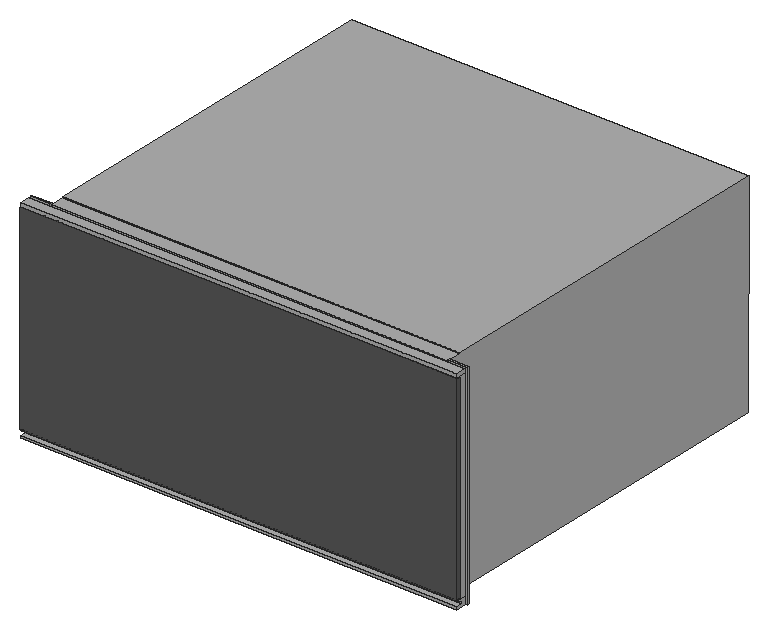
Revit family "FP-Revit20-en-WB60SMTB1-WarmingDrawerTall-0-90003702-AU-NZ-UK-IE-SG-EU", category Generic Models, Revit 2020
Family settings
  Can host rebar = No
  Round Connector Dimension = Use Diameter
  Part Type = Normal
  Work Plane-Based = No
  Always vertical = Yes
  Cut with Voids When Loaded = No
  Shared = No
  Room Calculation Point = No
Parameters (values of type "WB60SMTB1")
  URL = "www.fisherpaykel.com"
  Product - Overall width = 596 mm  # constant formula
  Product - Overall Height = 290 mm  # constant formula
  Model = "WB60SMTB1"
  Manufacturer = "Fisher & Paykel Appliances"
  Material - Glass = Fisher & Paykel - Glass, Black
  Description = "Warming Drawer Tall, 60cm"
  Default Elevation = 0 mm
  Connector note electrical = "220 - 240 V, 50 Hz, 10A"
  Chassis - width = 543 mm  # constant formula
  Chassis - Depth (including power plug, excluding flange) = 547 mm  # constant formula
  Material - Chassis = Fisher & Paykel - Aluminium
  Cavity - Minimum width = 560 mm  # constant formula
  Cavity - Minimum Height = 292 mm  # constant formula
  Cavity - Minimum Depth = 550 mm  # constant formula
Reference planes
  plane 1 "Center (Front/Back)": y = 0
  plane 2: z = 0
  plane 3 "Center (Left/Right)": x = 0
  plane 4 "Chassis LHS": x = -271.5
  plane 5 "Chassis RHS": x = 271.5
  plane 6 "Chassis Depth": y = 547
  plane 7 "Cavity LHS": x = -280
  plane 8 "Cavity RHS": x = 280
  plane 9 "Cavity Depth": y = 550
  plane 10 "Cavity Height": z = 292
  plane 11 "Product Height": z = 290
  plane 12: x = -298
  plane 13: x = 298
  plane 14: y = 510
  plane 15: y = -433.9
  plane 16: y = -433.9
  plane 17: y = -19.9
Forms (mm)
  Extrusion 1, solid, material "Fisher & Paykel - Aluminium" <- "Material - Chassis"
    sketch origin (271.5, 0, 0) x (0, -1, 0) y (0, 0, 1)
      loop
        line (2, 289) -> (-18, 289) -> (-18, 290) -> (-510, 290) -> (-510, 0) -> (2, 0) -> (2, 289)
    from 0 to 541.5
  Extrusion 2, solid, material "Fisher & Paykel - Aluminium" <- "Material - Chassis"
    sketch origin (0, 0, 0) x (1, 0, 0) y (0, 1, 0)
      loop
        line (271.5, 0) -> (271.5, -2) -> (298, -2) -> (298, 0) -> (271.5, 0)
      loop
        line (-271.5, 0) -> (-298, 0) -> (-298, -2) -> (-271.5, -2) -> (-271.5, 0)
    from 0 to 290
  Extrusion 3, solid, material "Fisher & Paykel - Aluminium" <- "Material - Chassis"
    sketch origin (298, -1524, 425.869) x (0, 0, 1) y (0, 1, 0)
      loop
        line (-414.269, 1518) -> (-414.269, 1508.1) -> (-140.869, 1508.1) -> (-140.869, 1518) -> (-414.269, 1518)
    from 0.5 to 595.5
  Extrusion 4, solid, material "Fisher & Paykel - Aluminium" <- "Material - Chassis"
    sketch origin (298, -1524, 425.869) x (0, 0, 1) y (0, 1, 0)
      loop
        line (-140.869, 1504.1) -> (-135.869, 1504.1) -> (-135.869, 1518) -> (-140.869, 1518) -> (-140.869, 1504.1)
    from 0 to 596
  Extrusion 5, solid, material "Fisher & Paykel - Aluminium" <- "Material - Chassis"
    sketch origin (298, -1524, 425.869) x (0, 0, 1) y (0, 1, 0)
      loop
        line (-417.269, 1509.4) -> (-414.269, 1505.774) -> (-414.269, 1518) -> (-423.869, 1518) -> (-423.869, 1504.1) -> (-420.869, 1504.1) -> (-420.869, 1513) -> (-417.269, 1513) -> (-417.269, 1509.4)
    from 0 to 596
  Extrusion 6, solid, material "Fisher & Paykel - Glass, Black" <- "Material - Glass"
    sketch origin (0, 0, 0) x (1, 0, 0) y (0, 0, 1)
      loop
        line (296, 11.6) -> (298, 13.6) -> (298, 283.6) -> (296.6, 285) -> (0, 285) -> (-296.6, 285) -> (-298, 283.6) -> (-298, 13.6) -> (-296, 11.6) -> (0, 11.6) -> (296, 11.6)
    from 15.9 to 19.9
  Extrusion 7, solid
    sketch origin (-40, 510, 1200) x (1, 0, 0) y (0, 0, 1)
      loop
        line (242, -941) -> (217, -941) -> (217, -960) -> (242, -960) -> (242, -941)
    from -37 to 0
  Extrusion 8, solid
    sketch origin (177, 510, 259) x (0, 0, -1) y (0, -1, 0)
      loop
        circle (9.5, -28) r 7.931
    from 0 to 40
  Extrusion 9, void, detail levels coarse
    sketch origin (0, 0, 0) x (1, 0, 0) y (0, 1, 0)
      loop
        line (280, 550) -> (-280, 550) -> (-280, 0) -> (280, 0) -> (280, 550)
    from 0 to 292
  Extrusion 10, void
    sketch origin (0, 0, 0) x (1, 0, 0) y (0, 0, 1)
      loop
        line (-258, 5) -> (258, 5) -> (258, 269) -> (-258, 269) -> (-258, 5)
    from -2.075 to 2
  Extrusion 11, solid, material "Fisher & Paykel - Aluminium" <- "Material - Chassis"
    sketch origin (0, 0, 0) x (1, 0, 0) y (0, 0, 1)
      loop
        line (259, 5) -> (259, 270) -> (-259, 270) -> (-259, 5) -> (259, 5)
    from 2 to 6
  Extrusion 12, solid, material "Fisher & Paykel - Clearance Required (Non-Combustible)", detail levels coarse
    sketch origin (0, 0, 0) x (1, 0, 0) y (0, 1, 0)
      loop
        line (-298, -19.9) -> (-298, -433.9) -> (298, -433.9) -> (298, -19.9) -> (-298, -19.9)
    from 2 to 285
Cuts and joins
  Extrusion 10 cuts Extrusion 1
  Extrusion 10 cuts Extrusion 3
  Extrusion 10 cuts Extrusion 5
  Extrusion 10 cuts Extrusion 6
Dimensions and locks
  equal spacing: plane 4 "Chassis LHS", plane 3 "Center (Left/Right)", plane 5 "Chassis RHS", locked at 271.5 each
  "Chassis - width": plane 4 "Chassis LHS" to plane 5 "Chassis RHS"
  "Cavity - Minimum width": plane 7 "Cavity LHS" to plane 8 "Cavity RHS"
  "Cavity - Minimum Depth": plane 9 "Cavity Depth" to plane 1 "Center (Front/Back)"
  "Cavity - Minimum Height": plane 10 "Cavity Height" to level
  "Product - Overall Height": plane 11 "Product Height" to level
  equal spacing: plane 13, plane 3 "Center (Left/Right)", plane 12, locked at 298 each
  "Product - Overall width": plane 12 to plane 13
  "Chassis - Depth (including power plug, excluding flange)": plane 1 "Center (Front/Back)" to plane 6 "Chassis Depth"
  locked: Extrusion 1 to Extrusion 7 at 37
  locked: Extrusion 7 to Extrusion 7 at 19
  locked: Extrusion 8 to Extrusion 7 at 40
  locked: plane 16 to plane 17 at 414
  plane 11 "Product Height" to level = 290 mm
  aligned and locked: level to plane 2
  aligned and locked: plane 11 "Product Height" to Extrusion 1 sketch curve
  aligned and locked: level to Extrusion 1 sketch curve
  aligned and locked: plane 13 to Extrusion 2 sketch curve
  aligned and locked: plane 1 "Center (Front/Back)" to Extrusion 2 sketch curve
  aligned and locked: Extrusion 2 sketch curve to plane 5 "Chassis RHS"
  aligned and locked: Extrusion 6 sketch curve to plane 13
  aligned and locked: Extrusion 9 sketch curve to plane 9 "Cavity Depth"
  aligned and locked: Extrusion 9 sketch curve to plane 1 "Center (Front/Back)"
  aligned and locked: plane 10 "Cavity Height" to Extrusion 9
  aligned and locked: Extrusion 7 to Extrusion 1
  aligned and locked: Extrusion 8 to Extrusion 7
  aligned and locked: plane 14 to Extrusion 7
  aligned and locked: Extrusion 7 to plane 6 "Chassis Depth"
  aligned and locked: cut or joined group of Extrusion 5, Extrusion 10 to Extrusion 11 sketch curve
  aligned and locked: Extrusion 2 to Extrusion 11
  aligned and locked: Extrusion 11 to Extrusion 4
  aligned and locked: plane 8 "Cavity RHS" to Extrusion 9 sketch curve
  aligned and locked: Extrusion 9 sketch curve to plane 7 "Cavity LHS"
  aligned and locked: Extrusion 12 sketch curve to plane 12
  aligned and locked: Extrusion 12 sketch curve to Extrusion 4
  aligned and locked: plane 13 to Extrusion 12 sketch curve
  aligned and locked: Extrusion 12 sketch curve to plane 15
  aligned and locked: Extrusion 4 to Extrusion 12
  aligned and locked: Extrusion 12 to cut or joined group of Extrusion 5, Extrusion 10
  aligned and locked: plane 11 "Product Height" to Extrusion 4
  aligned and locked: plane 11 "Product Height" to Extrusion 2
  aligned and locked: Extrusion 4 to cut or joined group of Extrusion 3, Extrusion 10
Automatic sketch dimensions
  plane 1 "Center (Front/Back)" to Extrusion 1 sketch curve = 2 mm
  Extrusion 1 sketch curve to plane 11 "Product Height" = 1 mm
  Extrusion 1 sketch curve to plane 1 "Center (Front/Back)" = 18 mm
  plane 1 "Center (Front/Back)" to Extrusion 2 sketch curve = 0 mm
  Extrusion 2 sketch curve to plane 12 = 0 mm
  Extrusion 2 sketch curve to plane 4 "Chassis LHS" = 0 mm
  Extrusion 2 sketch curve to Extrusion 2 sketch curve = 2 mm
  Extrusion 3 sketch curve to plane 1 "Center (Front/Back)" = 6 mm
  Extrusion 6 sketch curve to plane 12 = 0 mm
  plane 12 to Extrusion 6 sketch curve = 1.4 mm
  plane 12 to Extrusion 6 sketch curve = 2 mm
  plane 3 "Center (Left/Right)" to Extrusion 6 sketch curve = 0 mm  (x2)
  plane 13 to Extrusion 6 sketch curve = 1.4 mm
  Extrusion 6 sketch curve to Extrusion 6 sketch curve = 2 mm  (x2)
  Extrusion 6 sketch curve to Extrusion 6 sketch curve = 1.4 mm  (x2)
  Extrusion 8 sketch curve to Extrusion 7 = 9.5 mm
  Extrusion 7 to Extrusion 8 sketch curve = 9 mm
  Extrusion 1 sketch curve to plane 14 = 0 mm
  plane 1 "Center (Front/Back)" to Extrusion 2 sketch curve = 2 mm
  Extrusion 3 sketch curve to level = 11.6 mm
  plane 11 "Product Height" to Extrusion 3 sketch curve = 5 mm
  Extrusion 3 sketch curve to Extrusion 3 sketch curve = 9.9 mm
  plane 11 "Product Height" to Extrusion 4 sketch curve = 0 mm
  plane 11 "Product Height" to Extrusion 4 sketch curve = 5 mm
  Extrusion 4 sketch curve to plane 1 "Center (Front/Back)" = 6 mm
  Extrusion 4 sketch curve to Extrusion 4 sketch curve = 13.9 mm
  Extrusion 5 sketch curve to level = 2 mm
  Extrusion 5 sketch curve to Extrusion 5 sketch curve = 3 mm  (x2)
  Extrusion 5 sketch curve to Extrusion 5 sketch curve = 3.6 mm  (x2)
  Extrusion 5 sketch curve to plane 1 "Center (Front/Back)" = 6 mm
  Extrusion 5 sketch curve to Extrusion 5 sketch curve = 5 mm
  Extrusion 5 sketch curve to Extrusion 5 sketch curve = 3.626 mm
  Extrusion 5 sketch curve to Extrusion 5 sketch curve = 5.3 mm
  plane 13 to Extrusion 6 sketch curve = 2 mm
  level to Extrusion 6 sketch curve = 11.6 mm
  Extrusion 6 sketch curve to plane 11 "Product Height" = 6.4 mm
  Extrusion 7 sketch curve to plane 11 "Product Height" = 31 mm
  plane 5 "Chassis RHS" to Extrusion 7 sketch curve = 94.5 mm
  Extrusion 7 sketch curve to Extrusion 7 sketch curve = 25 mm
  Extrusion 7 sketch curve to Extrusion 7 sketch curve = 19 mm
  Extrusion 10 sketch curve to plane 11 "Product Height" = 21 mm
  level to Extrusion 10 sketch curve = 5 mm
  Extrusion 10 sketch curve to plane 4 "Chassis LHS" = 13.5 mm
  plane 5 "Chassis RHS" to Extrusion 10 sketch curve = 13.5 mm
  plane 5 "Chassis RHS" to Extrusion 11 sketch curve = 12.5 mm
  Extrusion 11 sketch curve to plane 4 "Chassis LHS" = 12.5 mm
  Extrusion 11 sketch curve to plane 11 "Product Height" = 20 mm
  radius of Extrusion 8 sketch curve = 7.931 mm
Connectors
  electrical at (137, 538, 249.5), driven by "Connector note electrical"
    settings: on Extrusion 8, index 1, voltage 0 V, apparent load 0 VA, apparent load phase1 0 VA, apparent load phase2 0 VA, apparent load phase3 0 VA, power factor 1, load classification "Other", number of poles 1, system type 31, power factor state 1, is connector primary yes, connector utility no, sub classification motor no, connector description "220 - 240 V, 50 Hz, 10A"
